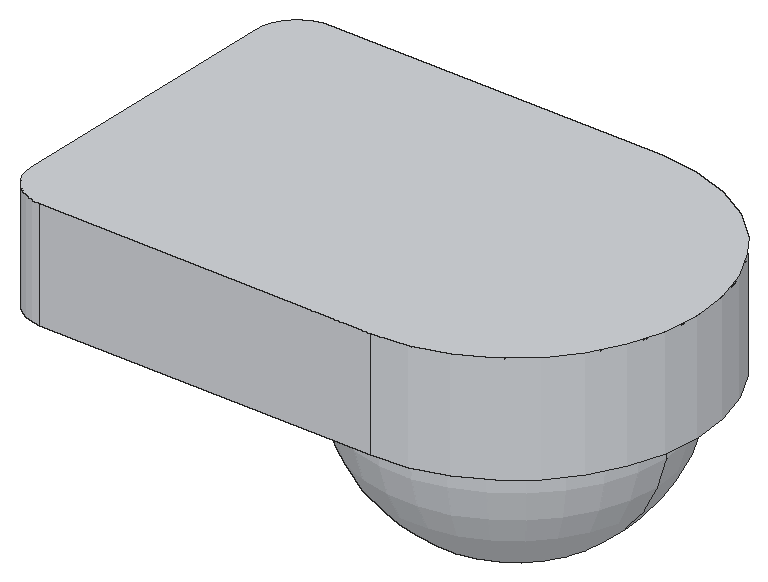
Revit family "252500.05 OSID Sender normal effekt Tak", category Fire Alarm Devices, Revit 2016
Family settings
  Maintain Annotation Orientation = No
  Part Type = Normal
  Round Connector Dimension = Use Diameter
  OmniClass Number = 23.85.30.21.11.11.11
  OmniClass Title = Smoke Detectors
  Work Plane-Based = No
  Always vertical = Yes
  Cut with Voids When Loaded = No
  Shared = No
  Room Calculation Point = No
Parameters (values of type "Linjedetektor sender")
  Type Comments = "-RY"
  R = CQ Width / 2  # 65 mm
  NVMottaker = no
  NS8360 = "5423_XN3"
  Manufacturer = "Honeywell"
  Keynote = "XN3"
  H1 = R - 10 mm  # 55 mm
  CQ Høyre = no
  CQFontSymboler = "w"
  CQ Venstre = not(CQ Høyre)  # yes
  CQ Type tekst synlig = yes
  CQ Type = "LD"
  CQ Montering tekst synlig [instance] = no
  CQ Montering [instance] = "HIM"
  CQ Material = none
  CQ Width = 130 mm
  CQ Height = 94 mm
  CQ Length = 198 mm
  CQ Coverage Circle Radius = 70000 mm
  CQ Symbol Positive Direction [instance] = yes
  CQ Symbol Offset Side [instance] = 0 mm
  CQ Symbol Offset Out [instance] = 0 mm
  CQ Coverage Circle = no
  CQ 3D Synlig = not(CQ 2D Synlig)  # no
  CQ 2D Synlig = yes
  Assembly Code = "5423"
Reference planes
  plane 1 "Center (Front/Back)": y = 0
  plane 2: z = 0
  plane 3 "Center (Left/Right)": x = 0
  plane 4: z = -94
  plane 5 "foran a": y = -65
  plane 6 "bak a": y = 65
  plane 7 "høyre": x = 99
  plane 8 "Venstre": x = -99
  plane 9: z = -45
  plane 10: z = -39
  plane 11: x = 89
  plane 12: x = 34
Forms (mm)
  Extrusion 1, solid, material <- "CQ Material"
    sketch origin (0, 0, 0) x (1, 0, 0) y (0, 1, 0)
      loop
        arc (-84, 65) -> (-94.607, 60.607) -> (-99, 50) r 15
        line (-99, 50) -> (-99, -50)
        arc (-99, -50) -> (-94.607, -60.607) -> (-84, -65) r 15
        line (-84, -65) -> (34, -65)
        arc (34, -65) -> (99, 0) -> (34, 65) r 65
        line (34, 65) -> (-84, 65)
    from 0 to -39
  Revolve 2, solid, material <- "CQ Material"
    sketch origin (0, 0, 0) x (1, 0, 0) y (0, 0, 1)
      loop
        line (34, -39) -> (34, -94)
        arc (34, -94) -> (72.891, -77.891) -> (89, -39) r 55
        line (89, -39) -> (34, -39)
      axis (34, -39) -> (34, -94)
    angle from 0 to 360
Lines and regions (mm)
  model lines, style "InvisibleLines"
    curve 1: line (0, 0, 0) -> (0, 0, 5)
Dimensions and locks
  "CQ Height": plane 2 to plane 4
  "CQ Width": plane 6 "bak a" to plane 5 "foran a"
  equal spacing: plane 6 "bak a", plane 1 "Center (Front/Back)", plane 5 "foran a"
  equal spacing: plane 8 "Venstre", plane 3 "Center (Left/Right)", plane 7 "høyre"
  "CQ Length": plane 8 "Venstre" to plane 7 "høyre"
  "H1": plane 10 to plane 4
  "H1": plane 11 to plane 12
  locked: plane 11 to plane 7 "høyre" at 10
  "R": radius of Extrusion 1 sketch curve
  radius of Extrusion 1 sketch curve = 15 mm  (x2)
  aligned and locked: level to plane 2
  aligned and locked: plane 3 "Center (Left/Right)" to nested 1
  aligned and locked: plane 1 "Center (Front/Back)" to nested 1
  aligned and locked: nested 2 to plane 3 "Center (Left/Right)"
  aligned and locked: nested 2 to plane 1 "Center (Front/Back)"
  aligned and locked: level to curve 1
  aligned and locked: plane 3 "Center (Left/Right)" to curve 1
  aligned and locked: Extrusion 1 sketch curve to plane 6 "bak a"
  aligned and locked: Extrusion 1 sketch curve to plane 8 "Venstre"
  aligned and locked: Extrusion 1 to plane 10
  aligned and locked: Revolve 2 sketch curve to plane 12
  aligned and locked: Revolve 2 sketch curve to plane 10
  aligned and locked: plane 12 to Extrusion 1 sketch curve
  aligned and locked: plane 1 "Center (Front/Back)" to Extrusion 1 sketch curve
Automatic sketch dimensions
  level to curve 1 = 5 mm
  Revolve 2 sketch curve to plane 12 = 0 mm
  Revolve 2 sketch curve to plane 11 = 0 mm
  Revolve 2 sketch curve to plane 4 = 11 mm
  level to Revolve 2 sketch curve = 5 mm
Nested families
  nested 1: "Linjedetektor Symbol" at (0, 0, 0), visible <- "CQ 2D Synlig", type "Type 1"
  nested 2: "Coverage Circle" at (0, 0, 0), visible <- "CQ Coverage Circle", type "Type 1"
Connectors
  electrical at (0, 0, 0)
    settings: index 1, voltage 0 V, apparent load 0 VA, apparent load phase1 0 VA, apparent load phase2 0 VA, apparent load phase3 0 VA, power factor 1, load classification "Other", number of poles 1, system type 11, power factor state 1, is connector primary yes, connector utility no, sub classification motor no, connector description ""
Definition of nested family "Linjedetektor Symbol"
  Parameters (values of type "Type 1")
    Type tekst synlig = yes
    Type = "LD"
    Sender = not(Mottaker)  # no
    Mottaker = yes
    Montering tekst synlig = no
    Montering = "HIM"
    CQ Symbol Positive Direction = yes
    CQ Symbol Negative Direction = not(CQ Symbol Positive Direction)  # no
    CQ Symbol Offset Side = 0 mm
    CQ Symbol Offset Out = 0 mm
  Reference planes
    plane 1: y = 0
    plane 2: x = 0
  Dimensions and locks
    "CQ Symbol Offset Side": nested 2 to plane 2
    "CQ Symbol Offset Side": plane 2 to nested 1
    "CQ Symbol Offset Out": plane 1 to nested 1
    "CQ Symbol Offset Out": plane 1 to nested 2
  Nested families
    nested 1: "Linjedetektor Sub" at (0, 0, 0), visible <- "CQ Symbol Positive Direction", type "Type1"
    nested 2: "Linjedetektor Sub" at (0, 0, 0), visible <- "CQ Symbol Negative Direction", type "Type1"
  Definition of nested family "Linjedetektor Sub"
    Parameters (values of type "Type1")
      Type tekst synlig = yes
      Type = "LD"
      Sender = yes
      Mottaker = yes
      Montering tekst synlig = no
      Montering = "HIM"
    Reference planes
      plane 1: y = 0
      plane 2: x = 0
    Lines and regions (mm)
      detail lines
        curve 1: line (-2.5, -2.5, 0) -> (2.5, -2.5, 0)
        curve 2: line (2.5, -2.5, 0) -> (2.5, 2.5, 0)
        curve 3: line (2.5, 2.5, 0) -> (-2.5, 2.5, 0)
        curve 4: line (-2.5, 2.5, 0) -> (-2.5, -2.5, 0)
        curve 5: circle (-1.25, -1.5, 0) r 0.25 normal (0, 0, 1)
        curve 6: line (-1.25, -0.75, 0) -> (-1, 1.5, 0)
        curve 7: arc (-1, 1.5, 0) -> (-1.25, 1.75, 0) -> (-1.5, 1.5, 0) r 0.25
        curve 8: line (-1.5, 1.5, 0) -> (-1.25, -0.75, 0)
        curve 9: line (-1.25, 0.5, 0) -> (-1.25, 1.5, 0)
        curve 13: line (1.25, -0.83, 0) -> (2, 0.469, 0)
        curve 14: line (1.25, -0.83, 0) -> (0.5, 0.469, 0)
        curve 15: arc (0.189, 0.231, 0) -> (1.25, 0.67, 0) -> (2.311, 0.231, 0) r 1.5
      detail lines, visible <- "Type tekst synlig"
        curve 10: line (-2.5, -4.5, 0) -> (2.5, -4.5, 0)
        curve 11: line (-2.5, -4.5, 0) -> (-2.5, -2.5, 0)
        curve 12: line (2.5, -4.5, 0) -> (2.5, -2.5, 0)
      detail lines, visible <- "Sender"
        curve 16: line (0.198, 1.5, 0) -> (2.298, 1.5, 0)
        curve 17: line (2.298, 1.5, 0) -> (1.396, 2.021, 0)
        curve 18: line (2.298, 1.5, 0) -> (1.396, 0.979, 0)
      detail lines, visible <- "Mottaker"
        curve 19: line (2.298, -1.5, 0) -> (0.198, -1.5, 0)
        curve 20: line (0.198, -1.5, 0) -> (1.101, -2.021, 0)
        curve 21: line (0.198, -1.5, 0) -> (1.101, -0.979, 0)
    Nested families
      nested 1: "txt 1_50" at (3.379, 2.424, 0), visible <- "Montering tekst synlig", Type Name <- "Montering", type "txt"
      nested 2: "txt 1_50" at (-1.901, -3.637, 0), visible <- "Type tekst synlig", Type Name <- "Type", type "txt"
        with Type Name "LD"
    Definition of nested family "txt 1_50"
      Parameters (values of type "txt")
        Type Name [instance] = "HIM"
      Reference planes
        plane 1: y = 0
        plane 2: x = 0
      Text (mm)
        label "TXT" at (1.952, 0, 0), shows "Type Name"
Definition of nested family "Coverage Circle"
  Parameters
    Radius = 3250 mm
  Reference planes
    plane 1 "Center (Front/Back)": y = 0
    plane 2: z = 0
    plane 3 "Center (Left/Right)": x = 0
  Lines and regions (mm)
    detail lines, in view "Ref. Level"
      curve 1: circle (0, 0, 0) r 3250 normal (0, 0, 1)
  Dimensions and locks
    "Radius": radius of curve 1
    aligned and locked: plane 1 "Center (Front/Back)" to curve 1
    aligned and locked: plane 3 "Center (Left/Right)" to curve 1
